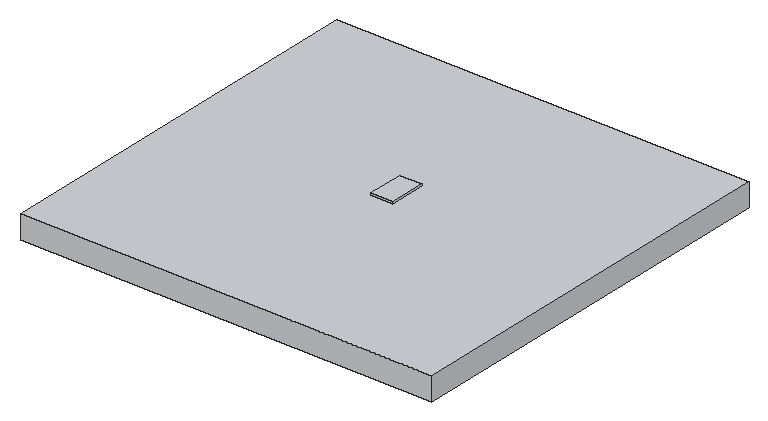
Revit family "M_Interruptor do controle de velocidade", category Iluminação elétrica, Revit 2019
Family settings
  Hospedeiro = Face
  Manter orientação da anotação = Sim
  Cota do conector redondo = Utilizar diâmetro
  Tipo de parte = Interruptor
  Número OmniClass = 23.80.50.11.14
  Título OmniClass = Switches
  ID de item do Seek = Speed Controller Switch-0000-CAN-ENU
  Corte com vazios quando carregada = Não
  Compartilhado = Não
  Ponto de cálculo do ambiente = Não
Parameters (values of type "Padrão")
  Voltagem do interruptor = 120 V
  Número de pólos do interruptor = 1
  Classificação de carga = Outros
  Legenda = "SC"
  Elevação-padrão = 1200 mm
  Assembly Code = ""
  Carga aparente = 0 VA
Reference planes
  plane 1 "Centro (Frente/Trás)": y = 0
  plane 2: z = 0
  plane 3 "Centro (Esquerda/Direita)": x = 0
  plane 4: x = -34.925
  plane 5: x = 34.925
  plane 6: x = -19.05
  plane 7: x = 19.05
  plane 8: y = 57.15
  plane 9: y = -57.15
  plane 10: y = 38.1
  plane 11: y = -38.1
  plane 12 "nível acima": z = 4.762
  plane 13 "nível abaixo": z = -53.975
Forms (mm)
  Extrusion 1, solid
    sketch origin (0, 0, 0) x (1, 0, 0) y (0, 1, 0)
      loop
        line (-644.525, 571.5) -> (-644.525, -666.75) -> (644.525, -666.75) -> (644.525, 571.5) -> (-644.525, 571.5)
    from 0 to -72.672
  Extrusion 2, solid
    sketch origin (0, 0, 0) x (1, 0, 0) y (0, 1, 0)
      loop
        line (-34.925, 57.15) -> (-34.925, -57.15) -> (34.925, -57.15) -> (34.925, 57.15) -> (-34.925, 57.15)
    from 0 to 4.762
  Extrusion 3, solid
    sketch origin (0, 0, 0) x (1, 0, 0) y (0, 1, 0)
      loop
        line (-19.05, 38.1) -> (-19.05, -38.1) -> (19.05, -38.1) -> (19.05, 38.1) -> (-19.05, 38.1)
    from 0 to -53.975
Lines and regions (mm)
  symbolic lines, detail levels fine
    curve 1: line (-34.925, 0, 4.762) -> (34.925, 0, 4.762)
    curve 2: line (-34.925, 0, 0) -> (-34.925, 0, 4.762)
    curve 3: line (34.925, 0, 0) -> (-34.925, 0, 0)
    curve 4: line (34.925, 0, 4.762) -> (34.925, 0, 0)
    curve 5: line (-19.05, 0, -53.975) -> (19.05, 0, -53.975)
    curve 6: line (-19.05, 0, 0) -> (-19.05, 0, -53.975)
    curve 7: line (19.05, 0, -53.975) -> (19.05, 0, 0)
Dimensions and locks
  equal spacing: plane 6, plane 3 "Centro (Esquerda/Direita)", plane 7, locked at 19.05 each
  locked: plane 6 to plane 7 at 38.1
  equal spacing: plane 4, plane 3 "Centro (Esquerda/Direita)", plane 5, locked at 34.925 each
  locked: plane 4 to plane 5 at 69.85
  locked: plane 8 to plane 9 at 114.3
  locked: plane 12 "nível acima" to level at 4.763
  locked: level to plane 13 "nível abaixo" at 53.975
  locked: plane 10 to plane 11 at 76.2
  equal spacing: plane 10, plane 1 "Centro (Frente/Trás)", plane 11, locked at 38.1 each
  equal spacing: plane 8, plane 1 "Centro (Frente/Trás)", plane 9, locked at 57.15 each
  aligned and locked: plane 2 to Extrusion 1
  aligned and locked: level to Extrusion 1
  aligned and locked: plane 8 to Extrusion 2
  aligned and locked: Extrusion 2 to plane 9
  aligned and locked: plane 5 to Extrusion 2
  aligned and locked: Extrusion 2 to plane 4
  aligned and locked: Extrusion 2 to level
  aligned and locked: plane 12 "nível acima" to Extrusion 2
  aligned and locked: plane 10 to Extrusion 3
  aligned and locked: Extrusion 3 to plane 6
  aligned and locked: plane 7 to Extrusion 3
  aligned and locked: Extrusion 3 to plane 11
  aligned and locked: Extrusion 3 to level
  aligned and locked: Extrusion 3 to plane 13 "nível abaixo"
  aligned and locked: plane 3 "Centro (Esquerda/Direita)" to nested 1
  aligned and locked: plane 1 "Centro (Frente/Trás)" to nested 1
  aligned and locked: curve 1 to plane 12 "nível acima"
  aligned and locked: plane 2 to curve 3
  aligned and locked: curve 5 to plane 13 "nível abaixo"
Automatic sketch dimensions
  Extrusion 2 sketch curve to plane 4 = 0 mm
  Extrusion 2 sketch curve to plane 5 = 0 mm
  Extrusion 2 sketch curve to plane 9 = 0 mm
  Extrusion 2 sketch curve to plane 8 = 0 mm
  Extrusion 3 sketch curve to plane 6 = 0 mm
  Extrusion 3 sketch curve to plane 7 = 0 mm
  Extrusion 3 sketch curve to plane 11 = 0 mm
  Extrusion 3 sketch curve to plane 10 = 0 mm
  Extrusion 1 sketch curve to Extrusion 1 sketch curve = 1289.05 mm
  Extrusion 1 sketch curve to Extrusion 1 sketch curve = 1238.25 mm
  curve 2 to plane 4 = 0 mm
  curve 3 to plane 5 = 0 mm
  plane 4 to curve 7 = 53.975 mm
  curve 5 to curve 5 = 38.1 mm
Nested families
  nested 1: "M_Anotação do interruptor" at (0, 0, 0), type "Anotação de interruptor", detail levels coarse+medium
Connectors
  electrical at (0, 38.1, -26.988), driven by "Voltagem do interruptor", driven by "Carga aparente", driven by "Número de pólos do interruptor", driven by "Classificação de carga"
    settings: on Extrusion 3, index 1, voltage 120 V, apparent load 0 VA, apparent load phase1 0 VA, apparent load phase2 0 VA, apparent load phase3 0 VA, power factor 1, load classification "Outros", number of poles 1, system type 31, power factor state 1, is connector primary yes, connector utility no, sub classification motor no, connector description ""
Definition of nested family "M_Anotação do interruptor"
  Parameters
    Legenda = "SC"
  Reference planes
    plane 1: y = 0
    plane 2: x = 0
  Lines and regions (mm)
    detail lines
      curve 1: line (0, 3.175, 0) -> (0, 0, 0)
      curve 3: arc (0.383, 2.833, 0) -> (-0.62, 2.459, 0) -> (0, 1.587, 0) r 0.674
      curve 4: arc (0, 1.587, 0) -> (0.392, 0.545, 0) -> (-0.718, 0.631, 0) r 0.66
    reference lines
      curve 2: line (0, 1.587, 0) -> (-3.044, 1.588, 0)
      curve 5: line (2.564, -1.199, 0) -> (2.564, 2.384, 0)
      curve 6: line (2.564, -1.199, 0) -> (7.201, -1.199, 0)
      curve 7: line (2.564, 1.163, 0) -> (7.878, 1.163, 0)
  Text (mm)
    label "2" at (0.646, -0.127, 0), shows "Legenda"
  Dimensions and locks
    locked: curve 6 to curve 7 at 2.362
    locked: curve 1 to curve 5 at 2.564
    locked: curve 1 to curve 1 at 3.175
    locked: plane 1 to curve 2 at 1.588
    aligned and locked: curve 1 to curve 2
    aligned and locked: curve 3 to curve 2
    aligned and locked: curve 4 to curve 2
    aligned and locked: plane 1 to curve 1
    aligned and locked: curve 1 to plane 2
    aligned and locked: plane 2 to curve 1
